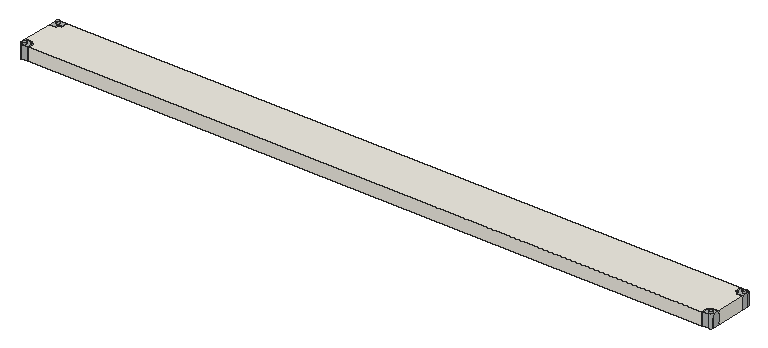
Revit family "HIGHTECH", category Осветительные приборы, Revit 2019 (continued)
Types (32, lengths in mm): name | Файл фотометрической сетки | built-in parameter 1150105 | Lumens | built-in parameter 1150106 | built-in parameter 1150142 | Wattage | Emit from Rectangle Width | Emit from Rectangle Length | Длина | Ширина | ADSK_Ток | ADSK_Полная мощность | ADSK_Обозначение | ADSK_Номинальная мощность | ADSK_Наименование | ADSK_Масса | ADSK_Код изделия
     220.519 181.644 \r\n142.474 107.448 74.296 43.216 15.096 0.592 0.592 0.493 0.493 0.493 0.493 0.493 0.493 0.493 0.493 0.395 0.395 0.395 0.395 0.395 0.395 0.395 0.395 0.296 0.296 0.296 0.296 0.296 0.296 0.296 0.296 0.197 \r\n0.197 0.197 0.197 0.197 0.197 0.197 0.197 0.098 0.098 0.098 0.098 0.098 0.098 0.098 0.098 0.000 0.000 0.000 0.000 \r\n1417.637 1417.736 1414.775 1409.743 1402.146 1391.984 1379.355 1363.568 1345.709 1325.482 1303.283 1278.616 1252.272 1224.054 1193.862 1162.091 1128.940 1094.110 \r\n1058.097 1020.801 982.617 943.052 902.994 861.850 820.410 778.082 735.458 692.637 649.027 605.416 561.608 517.504 474.190 430.383 386.772 343.951 301.918 260.775 220.913 181.941 \r\n142.770 107.743 74.592 43.413 15.293 0.592 0.592 0.493 0.493 0.493 0.493 0.493 0.493 0.493 0.493 0.395 0.395 0.395 0.395 0.395 0.395 0.395 0.395 0.296 0.296 0.296 0.296 0.296 0.296 0.296 0.296 0.197 \r\n0.197 0.197 0.197 0.197 0.197 0.197 0.197 0.098 0.098 0.098 0.098 0.098 0.098 0.098 0.098 0.000 0.000 0.000 0.000 \r\n1417.637 1417.736 1414.874 1409.940 1402.344 1392.181 1379.650 1363.962 1346.104 1325.877 1303.776 1279.109 1252.766 1224.547 1194.454 1162.782 1129.531 1094.702 \r\n1058.788 1021.492 983.308 943.742 903.684 862.540 821.100 778.773 736.148 693.327 649.618 606.107 562.298 518.096 474.782 430.974 387.364 344.444 302.412 261.170 221.308 182.335 \r\n143.165 108.040 74.789 43.611 15.490 0.592 0.592 0.493 0.493 0.493 0.493 0.493 0.493 0.493 0.493 0.395 0.395 0.395 0.395 0.395 0.395 0.395 0.395 0.296 0.296 0.296 0.296 0.296 0.296 0.296 0.296 0.197 \r\n0.197 0.197 0.197 0.197 0.197 0.197 0.197 0.098 0.098 0.098 0.098 0.098 0.098 0.098 0.098 0.000 0.000 0.000 0.000 \r\n1417.637 1417.834 1414.973 1410.138 1402.541 1392.477 1379.946 1364.258 1346.499 1326.272 1304.171 1279.603 1253.259 1225.139 1195.045 1163.374 1130.123 1095.393 \r\n1059.478 1022.183 983.999 944.433 904.375 863.231 821.792 779.464 736.840 693.920 650.309 606.699 562.891 518.787 475.374 431.566 387.857 344.937 302.906 261.663 221.703 182.730 \r\n143.461 108.237 75.085 43.906 15.688 0.592 0.592 0.493 0.493 0.493 0.493 0.493 0.493 0.493 0.493 0.395 0.395 0.395 0.395 0.395 0.395 0.395 0.395 0.296 0.296 0.296 0.296 0.296 0.296 0.296 0.296 0.197 \r\n0.197 0.197 0.197 0.197 0.197 0.197 0.197 0.098 0.098 0.098 0.098 0.098 0.098 0.098 0.098 0.000 0.000 0.000 0.000 \r\n1417.637 1417.834 1415.071 1410.237 1402.837 1392.772 1380.243 1364.653 1346.892 1326.765 1304.664 1280.096 1253.752 1225.730 1195.638 1163.965 1130.814 1095.984 \r\n1060.071 1022.873 984.689 945.124 905.066 863.922 822.482 780.154 737.531 694.610 651.000 607.390 563.581 519.379 475.966 432.059 388.350 345.431 303.300 262.058 222.098 183.026 \r\n143.757 108.533 75.282 44.104 15.983 0.592 0.592 0.493 0.493 0.493 0.493 0.493 0.493 0.493 0.493 0.395 0.395 0.395 0.395 0.395 0.395 0.395 0.395 0.296 0.296 0.296 0.296 0.296 0.296 0.296 0.296 0.197 \r\n0.197 0.197 0.197 0.197 0.197 0.197 0.197 0.098 0.098 0.098 0.098 0.098 0.098 0.098 0.098 0.000 0.000 0.000 0.000 \r\n1417.637 1417.932 1415.170 1410.434 1403.034 1393.069 1380.636 1365.048 1347.287 1327.160 1305.157 1280.589 1254.344 1226.225 1196.230 1164.558 1131.406 1096.675 \r\n1060.761 1023.564 985.380 945.815 905.756 864.613 823.173 780.845 738.221 695.301 651.592 608.080 564.174 519.971 476.558 432.652 388.943 345.924 303.794 262.453 222.492 183.420 \r\n144.151 108.829 75.579 44.301 16.181 0.592 0.592 0.493 0.493 0.493 0.493 0.493 0.493 0.493 0.493 0.395 0.395 0.395 0.395 0.395 0.395 0.395 0.395 0.296 0.296 0.296 0.296 0.296 0.296 0.296 0.296 0.197 \r\n0.197 0.197 0.197 0.197 0.197 0.197 0.197 0.098 0.098 0.098 0.098 0.098 0.098 0.098 0.098 0.000 0.000 0.000 0.000 \r\n1417.637 1417.932 1415.268 1410.533 1403.232 1393.365 1380.933 1365.443 1347.682 1327.555 1305.552 1281.082 1254.837 1226.816 1196.821 1165.150 1131.998 1097.267 \r\n1061.452 1024.254 986.070 946.506 906.447 865.401 823.863 781.535 738.912 695.991 652.282 608.672 564.864 520.563 477.150 433.145 389.436 346.417 304.287 262.946 222.887 183.815 \r\n144.448 109.125 75.874 44.597 16.378 0.592 0.592 0.493 0.493 0.493 0.493 0.493 0.493 0.493 0.493 0.395 0.395 0.395 0.395 0.395 0.395 0.395 0.395 0.296 0.296 0.296 0.296 0.296 0.296 0.296 0.296 0.197 \r\n0.197 0.197 0.197 0.197 0.197 0.197 0.197 0.098 0.098 0.098 0.098 0.098 0.098 0.098 0.098 0.000 0.000 0.000 0.000 \r\n1417.637 1418.031 1415.368 1410.730 1403.527 1393.562 1381.229 1365.738 1348.077 1327.949 1306.045 1281.575 1255.331 1227.310 1197.414 1165.841 1132.689 1097.958 \r\n1062.043 1024.846 986.761 947.196 907.137 866.092 824.554 782.226 739.602 696.683 652.973 609.363 565.456 521.155 477.742 433.737 390.028 346.910 304.681 263.341 223.282 184.111 \r\n144.743 109.421 76.072 44.794 16.576 0.592 0.592 0.493 0.493 0.493 0.493 0.493 0.493 0.493 0.493 0.395 0.395 0.395 0.395 0.395 0.395 0.395 0.395 0.296 0.296 0.296 0.296 0.296 0.296 0.296 0.296 0.197 \r\n0.197 0.197 0.197 0.197 0.197 0.197 0.197 0.098 0.098 0.098 0.098 0.098 0.098 0.098 0.098 0.000 0.000 0.000 0.000 \r\n1417.637 1418.031 1415.466 1410.928 1403.725 1393.858 1381.524 1366.133 1348.472 1328.443 1306.440 1282.070 1255.824 1227.901 1198.006 1166.433 1133.280 1098.550 \r\n1062.735 1025.537 987.451 947.887 907.829 866.784 825.244 782.916 740.293 697.373 653.565 610.053 566.147 521.747 478.334 434.328 390.521 347.404 305.175 263.735 223.677 184.506 \r\n145.039 109.717 76.368 44.992 16.871 0.592 0.592 0.493 0.493 0.493 0.493 0.493 0.493 0.493 0.493 0.395 0.395 0.395 0.395 0.395 0.395 0.395 0.395 0.296 0.296 0.296 0.296 0.296 0.296 0.296 0.296 0.197 \r\n0.197 0.197 0.197 0.197 0.197 0.197 0.197 0.098 0.098 0.098 0.098 0.098 0.098 0.098 0.098 0.000 0.000 0.000 0.000 \r\n1417.637 1418.130 1415.565 1411.026 1403.922 1394.154 1381.919 1366.527 1348.866 1328.837 1306.933 1282.563 1256.416 1228.494 1198.597 1167.024 1133.873 1099.241 \r\n1063.425 1026.228 988.143 948.676 908.519 867.474 825.935 783.608 740.983 698.064 654.256 610.646 566.739 522.438 478.926 434.822 391.014 347.897 305.569 264.229 224.072 184.901 \r\n145.434 110.013 76.565 45.288 17.069 0.592 0.592 0.493 0.493 0.493 0.493 0.493 0.493 0.493 0.493 0.395 0.395 0.395 0.395 0.395 0.395 0.395 0.395 0.296 0.296 0.296 0.296 0.296 0.296 0.296 0.296 0.197 \r\n0.197 0.197 0.197 0.197 0.197 0.197 0.197 0.098 0.098 0.098 0.098 0.098 0.098 0.098 0.098 0.000 0.000 0.000 0.000 \r\n1417.637 1418.130 1415.762 1411.223 1404.218 1394.450 1382.216 1366.824 1349.261 1329.231 1307.427 1283.056 1256.910 1228.987 1199.190 1167.616 1134.563 1099.833 \r\n1064.016 1026.918 988.833 949.367 909.308 868.165 826.625 784.298 741.674 698.656 654.946 611.336 567.430 523.030 479.518 435.414 391.606 348.391 306.063 264.623 224.465 185.196 \r\n145.730 110.309 76.861 45.485 17.266 0.592 0.592 0.493 0.493 0.493 0.493 0.493 0.493 0.493 0.493 0.395 0.395 0.395 0.395 0.395 0.395 0.395 0.395 0.296 0.296 0.296 0.296 0.296 0.296 0.296 0.296 0.197 \r\n0.197 0.197 0.197 0.197 0.197 0.197 0.197 0.098 0.098 0.098 0.098 0.098 0.098 0.098 0.098 0.000 0.000 0.000 0.000 \r\n1417.637 1418.229 1415.861 1411.421 1404.415 1394.746 1382.512 1367.219 1349.656 1329.626 1307.821 1283.549 1257.403 1229.579 1199.782 1168.209 1135.155 1100.523 \r\n1064.708 1027.609 989.425 950.057 909.998 868.855 827.317 784.989 742.365 699.347 655.538 611.928 568.021 523.622 480.110 436.006 392.100 348.884 306.556 265.017 224.860 185.591 \r\n146.026 110.605 77.157 45.781 17.464 0.592 0.592 0.493 0.493 0.493 0.493 0.493 0.493 0.493 0.493 0.395 0.395 0.395 0.395 0.395 0.395 0.395 0.395 0.296 0.296 0.296 0.296 0.296 0.296 0.296 0.296 0.197 \r\n0.197 0.197 0.197 0.197 0.197 0.197 0.197 0.098 0.098 0.098 0.098 0.098 0.098 0.098 0.098 0.000 0.000 0.000 0.000 \r\n1417.637 1418.229 1415.960 1411.519 1404.613 1394.943 1382.807 1367.612 1350.051 1330.119 1308.315 1284.043 1257.896 1230.072 1200.275 1168.899 1135.748 1101.116 \r\n1065.398 1028.300 990.115 950.748 910.689 869.644 828.007 785.679 743.056 700.037 656.229 612.619 568.713 524.214 480.702 436.499 392.593 349.377 306.951 265.511 225.255 185.986 \r\n146.421 110.901 77.355 45.978 17.759 0.592 0.592 0.493 0.493 0.493 0.493 0.493 0.493 0.493 0.493 0.395 0.395 0.395 0.395 0.395 0.395 0.395 0.395 0.296 0.296 0.296 0.296 0.296 0.296 0.296 0.296 0.197 \r\n0.197 0.197 0.197 0.197 0.197 0.197 0.197 0.098 0.098 0.098 0.098 0.098 0.098 0.098 0.098 0.000 0.000 0.000 0.000 \r\n1417.637 1418.327 1416.058 1411.716 1404.810 1395.240 1383.202 1367.909 1350.445 1330.514 1308.808 1284.536 1258.488 1230.664 1200.867 1169.491 1136.339 1101.806 \r\n1066.089 1028.991 990.807 951.438 911.381 870.335 828.698 786.370 743.746 700.728 656.920 613.310 569.304 524.806 481.294 437.091 393.185 349.871 307.444 265.905 225.650 186.381 \r\n146.717 111.197 77.650 46.176 17.957 0.592 0.592 0.493 0.493 0.493 0.493 0.493 0.493 0.493 0.493 0.395 0.395 0.395 0.395 0.395 0.395 0.395 0.395 0.296 0.296 0.296 0.296 0.296 0.296 0.296 0.296 0.197 \r\n0.197 0.197 0.197 0.197 0.197 0.197 0.197 0.098 0.098 0.098 0.098 0.098 0.098 0.098 0.098 0.000 0.000 0.000 0.000 \r\n1417.637 1418.327 1416.156 1411.816 1405.106 1395.535 1383.498 1368.304 1350.839 1330.909 1309.203 1285.029 1258.981 1231.256 1201.459 1170.083 1137.030 1102.398 \r\n1066.680 1029.681 991.497 952.129 912.071 871.026 829.388 787.061 744.437 701.418 657.512 613.901 569.995 525.398 481.886 437.585 393.678 350.364 307.938 266.300 226.044 186.676 \r\n147.012 111.493 77.848 46.472 18.154 0.592 0.592 0.493 0.493 0.493 0.493 0.493 0.493 0.493 0.493 0.395 0.395 0.395 0.395 0.395 0.395 0.395 0.395 0.296 0.296 0.296 0.296 0.296 0.296 0.296 0.296 0.197 \r\n0.197 0.197 0.197 0.197 0.197 0.197 0.197 0.098 0.098 0.098 0.098 0.098 0.098 0.098 0.098 0.000 0.000 0.000 0.000 \r\n1417.637 1418.426 1416.255 1412.013 1405.303 1395.831 1383.794 1368.698 1351.234 1331.304 1309.696 1285.522 1259.474 1231.750 1202.051 1170.675 1137.622 1103.089 \r\n1067.372 1030.273 992.188 952.820 912.762 871.716 830.079 787.751 745.127 702.109 658.202 614.593 570.587 526.088 482.478 438.177 394.171 350.857 308.332 266.793 226.439 187.071 \r\n147.309 111.690 78.144 46.670 18.451 0.592 0.592 0.493 0.493 0.493 0.493 0.493 0.493 0.493 0.493 0.395 0.395 0.395 0.395 0.395 0.395 0.395 0.395 0.296 0.296 0.296 0.296 0.296 0.296 0.296 0.296 0.197 \r\n0.197 0.197 0.197 0.197 0.197 0.197 0.197 0.098 0.098 0.098 0.098 0.098 0.098 0.098 0.098 0.000 0.000 0.000 0.000 \r\n1417.637 1418.426 1416.354 1412.211 1405.501 1396.029 1384.090 1369.093 1351.629 1331.797 1310.189 1286.016 1259.968 1232.341 1202.643 1171.366 1138.214 1103.680 \r\n1068.062 1030.964 992.878 953.511 913.452 872.407 830.770 788.442 745.818 702.799 658.893 615.283 571.179 526.680 483.070 438.769 394.763 351.350 308.826 267.188 226.834 187.466 \r\n147.703 111.987 78.440 46.866 18.648 0.592 0.592 0.493 0.493 0.493 0.493 0.493 0.493 0.493 0.493 0.395 0.395 0.395 0.395 0.395 0.395 0.395 0.395 0.296 0.296 0.296 0.296 0.296 0.296 0.296 0.296 0.197 \r\n0.197 0.197 0.197 0.197 0.197 0.197 0.197 0.098 0.098 0.098 0.098 0.098 0.098 0.098 0.098 0.000 0.000 0.000 0.000 \r\n1417.637 1418.525 1416.453 1412.309 1405.796 1396.325 1384.485 1369.388 1352.024 1332.192 1310.584 1286.509 1260.560 1232.835 1203.235 1171.958 1138.905 1104.371 \r\n1068.654 1031.655 993.569 954.202 914.143 873.098 831.460 789.133 746.410 703.392 659.485 615.874 571.870 527.273 483.662 439.262 395.257 351.844 309.319 267.583 227.229 187.762 \r\n148.000 112.282 78.637 47.163 18.845 0.592 0.592 0.493 0.493 0.493 0.493 0.493 0.493 0.493 0.493 0.395 0.395 0.395 0.395 0.395 0.395 0.395 0.395 0.296 0.296 0.296 0.296 0.296 0.296 0.296 0.296 0.197 \r\n0.197 0.197 0.197 0.197 0.197 0.197 0.197 0.098 0.098 0.098 0.098 0.098 0.098 0.098 0.098 0.000 0.000 0.000 0.000 \r\n1417.637 1418.525 1416.551 1412.506 1405.994 1396.621 1384.781 1369.783 1352.419 1332.587 1311.077 1287.003 1261.053 1233.427 1203.827 1172.549 1139.497 1104.963 \r\n1069.345 1032.345 994.260 954.892 914.932 873.887 832.152 789.824 747.101 704.082 660.176 616.565 572.462 527.864 484.254 439.855 395.849 352.337 309.714 268.076 227.722 188.157 \r\n148.295 112.578 78.933 47.360 19.042 0.592 0.592 0.493 0.493 0.493 0.493 0.493 0.493 0.493 0.493 0.395 0.395 0.395 0.395 0.395 0.395 0.395 0.395 0.296 0.296 0.296 0.296 0.296 0.296 0.296 0.296 0.197 \r\n0.197 0.197 0.197 0.197 0.197 0.197 0.197 0.098 0.098 0.098 0.098 0.098 0.098 0.098 0.098 0.000 0.000 0.000 0.000 \r\n1417.637 1418.525 1416.453 1412.309 1405.796 1396.325 1384.485 1369.388 1352.024 1332.192 1310.584 1286.509 1260.560 1232.835 1203.235 1171.958 1138.905 1104.371 \r\n1068.654 1031.655 993.569 954.202 914.143 873.098 831.460 789.133 746.410 703.392 659.485 615.874 571.870 527.273 483.662 439.262 395.257 351.844 309.319 267.583 227.229 187.762 \r\n148.000 112.282 78.637 47.163 18.845 0.592 0.592 0.493 0.493 0.493 0.493 0.493 0.493 0.493 0.493 0.395 0.395 0.395 0.395 0.395 0.395 0.395 0.395 0.296 0.296 0.296 0.296 0.296 0.296 0.296 0.296 0.197 \r\n0.197 0.197 0.197 0.197 0.197 0.197 0.197 0.098 0.098 0.098 0.098 0.098 0.098 0.098 0.098 0.000 0.000 0.000 0.000 \r\n1417.637 1418.426 1416.354 1412.211 1405.501 1396.029 1384.090 1369.093 1351.629 1331.797 1310.189 1286.016 1259.968 1232.341 1202.643 1171.366 1138.214 1103.680 \r\n1068.062 1030.964 992.878 953.511 913.452 872.407 830.770 788.442 745.818 702.799 658.893 615.283 571.179 526.680 483.070 438.769 394.763 351.350 308.826 267.188 226.834 187.466 \r\n147.703 111.987 78.440 46.866 18.648 0.592 0.592 0.493 0.493 0.493 0.493 0.493 0.493 0.493 0.493 0.395 0.395 0.395 0.395 0.395 0.395 0.395 0.395 0.296 0.296 0.296 0.296 0.296 0.296 0.296 0.296 0.197 \r\n0.197 0.197 0.197 0.197 0.197 0.197 0.197 0.098 0.098 0.098 0.098 0.098 0.098 0.098 0.098 0.000 0.000 0.000 0.000 \r\n1417.637 1418.426 1416.255 1412.013 1405.303 1395.831 1383.794 1368.698 1351.234 1331.304 1309.696 1285.522 1259.474 1231.750 1202.051 1170.675 1137.622 1103.089 \r\n1067.372 1030.273 992.188 952.820 912.762 871.716 830.079 787.751 745.127 702.109 658.202 614.593 570.587 526.088 482.478 438.177 394.171 350.857 308.332 266.793 226.439 187.071 \r\n147.309 111.690 78.144 46.670 18.451 0.592 0.592 0.493 0.493 0.493 0.493 0.493 0.493 0.493 0.493 0.395 0.395 0.395 0.395 0.395 0.395 0.395 0.395 0.296 0.296 0.296 0.296 0.296 0.296 0.296 0.296 0.197 \r\n0.197 0.197 0.197 0.197 0.197 0.197 0.197 0.098 0.098 0.098 0.098 0.098 0.098 0.098 0.098 0.000 0.000 0.000 0.000 \r\n1417.637 1418.327 1416.156 1411.816 1405.106 1395.535 1383.498 1368.304 1350.839 1330.909 1309.203 1285.029 1258.981 1231.256 1201.459 1170.083 1137.030 1102.398 \r\n1066.680 1029.681 991.497 952.129 912.071 871.026 829.388 787.061 744.437 701.418 657.512 613.901 569.995 525.398 481.886 437.585 393.678 350.364 307.938 266.300 226.044 186.676 \r\n147.012 111.493 77.848 46.472 18.154 0.592 0.592 0.493 0.493 0.493 0.493 0.493 0.493 0.493 0.493 0.395 0.395 0.395 0.395 0.395 0.395 0.395 0.395 0.296 0.296 0.296 0.296 0.296 0.296 0.296 0.296 0.197 \r\n0.197 0.197 0.197 0.197 0.197 0.197 0.197 0.098 0.098 0.098 0.098 0.098 0.098 0.098 0.098 0.000 0.000 0.000 0.000 \r\n1417.637 1418.327 1416.058 1411.716 1404.810 1395.240 1383.202 1367.909 1350.445 1330.514 1308.808 1284.536 1258.488 1230.664 1200.867 1169.491 1136.339 1101.806 \r\n1066.089 1028.991 990.807 951.438 911.381 870.335 828.698 786.370 743.746 700.728 656.920 613.310 569.304 524.806 481.294 437.091 393.185 349.871 307.444 265.905 225.650 186.381 \r\n146.717 111.197 77.650 46.176 17.957 0.592 0.592 0.493 0.493 0.493 0.493 0.493 0.493 0.493 0.493 0.395 0.395 0.395 0.395 0.395 0.395 0.395 0.395 0.296 0.296 0.296 0.296 0.296 0.296 0.296 0.296 0.197 \r\n0.197 0.197 0.197 0.197 0.197 0.197 0.197 0.098 0.098 0.098 0.098 0.098 0.098 0.098 0.098 0.000 0.000 0.000 0.000 \r\n1417.637 1418.229 1415.960 1411.519 1404.613 1394.943 1382.807 1367.612 1350.051 1330.119 1308.315 1284.043 1257.896 1230.072 1200.275 1168.899 1135.748 1101.116 \r\n1065.398 1028.300 990.115 950.748 910.689 869.644 828.007 785.679 743.056 700.037 656.229 612.619 568.713 524.214 480.702 436.499 392.593 349.377 306.951 265.511 225.255 185.986 \r\n146.421 110.901 77.355 45.978 17.759 0.592 0.592 0.493 0.493 0.493 0.493 0.493 0.493 0.493 0.493 0.395 0.395 0.395 0.
